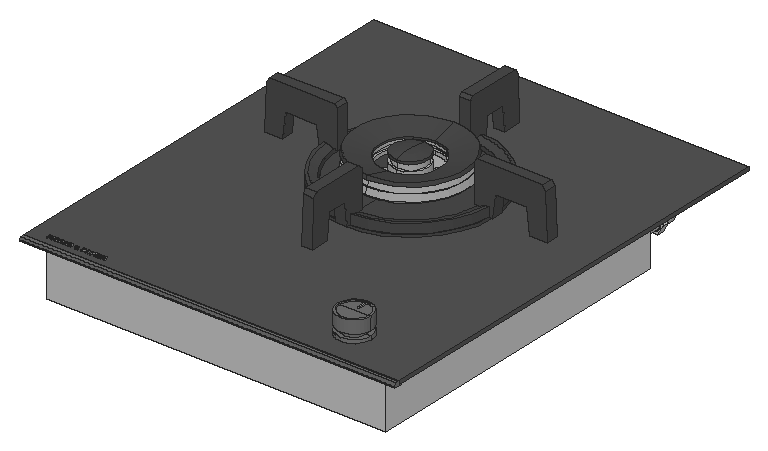
Revit family "FP_Revit_18_CG451DNGGB4_and_CG451DLPGB4_Cooktop_90000831A", category Specialty Equipment, Revit 2018
Family settings
  Round Connector Dimension = Use Diameter
  Part Type = Normal
  OmniClass Number = 23.40.40.14.17.11
  OmniClass Title = Cookers, Ovens, Stoves
  Work Plane-Based = No
  Always vertical = Yes
  Cut with Voids When Loaded = Yes
  Shared = No
  Room Calculation Point = No
Parameters (values of type "CG451DNGGB4")
  Visibility - Clearance Required = yes
  URL = "www.fisherpaykel.com"
  Product - Width = 450 mm  # constant formula
  Product - Height = 125 mm  # constant formula
  Product - Depth = 530 mm  # constant formula
  Model = "CG451DNGGB4"
  Material - Trim = Fisher & Paykel - Aluminium, Dark
  Material - Cooktop = Fisher & Paykel - Glass, Black
  Material - Burners & Trivets = Fisher & Paykel - Black, Matte
  Material - Body = Fisher & Paykel - Grey
  Manufacturer = "Fisher & Paykel Appliances"
  FFL Offset [instance] = 900 mm
  Description = "45cm Gas on Glass Cooktop"
  Connector Note - Gas = "NG 1 kPa (4\" WC), Connection is Rp 1/2\" (ISO7-1)"
  Connector Note - Electrical = "230 V, 10 A, fused electrical supply"
  Clearance - Side Combustible = 60 mm  # constant formula
  Clearance - Rear Non-Combustible = 45 mm  # constant formula
  Clearance - Rear Combustible = 85 mm  # constant formula
  Clearance - Overhead Rangehood = 650 mm  # constant formula
  Clearance - Overhead Non-Combustible = 500 mm  # constant formula
  Clearance - Overhead Combustible = 650 mm  # constant formula
  Clearance - Below Non-Combustible = 65 mm  # constant formula
  Clearance - Below Combustible = 70 mm  # constant formula
  Chassis - Width = 406 mm  # constant formula
  Chassis - Height = 59 mm  # constant formula
  Chassis - Depth = 486 mm  # constant formula
  Cavity - Width = 415 mm  # constant formula
  Cavity - Height = 59 mm  # constant formula
  Cavity - Depth = 490 mm  # constant formula
Types (3, lengths in mm): name | Model | Connector Note - Gas
  (no name) | "CG451DNGGB4" | "NG 1 kPa (4\" WC), Connection is Rp 1/2\" (ISO7-1)"
  CG451DNGGB4 | "CG451DNGGB4" | "NG 1 kPa (4\" WC), Connection is Rp 1/2\" (ISO7-1)"
  CG451DLPGB4 | "CG451DLPGB4" | "LPG 2.75 kPa (11\" WC), Connection is Rp 1/2\" (ISO7-1)"
Reference planes
  plane 1 "Datum": y = 0
  plane 2: z = 0
  plane 3 "Center (Left/Right)": x = 0
  plane 4 "Product LHS": x = -225
  plane 5 "Product RHS": x = 225
  plane 6 "Product - Depth": y = 530
  plane 7 "Cavity LHS": x = -207.5
  plane 8 "Cavity RHS": x = 207.5
  plane 9 "Cavity - Depth": y = 501.465
  plane 10 "Glass": z = 905
  plane 11 "Basepan": z = 841
  plane 12 "Benchtop": z = 900
Forms (mm)
  Extrusion 1, solid, material "Fisher & Paykel - Glass, Black" <- "Material - Cooktop"
    sketch origin (0, 0, 0) x (0, 1, 0) y (0, 0, 1)
      loop
        line (5.299, 905) -> (5.299, 901) -> (530, 901) -> (530, 905) -> (5.299, 905)
    from -225 to 225
  Extrusion 2, solid, material "Fisher & Paykel - Aluminium, Dark" <- "Material - Trim", detail levels fine
    sketch origin (0, 0, 0) x (0, 1, 0) y (0, 0, 1)
      loop
        line (5.299, 905) -> (0.45, 905) -> (0, 901.5) -> (0, 900) -> (8.39, 900) -> (8.39, 901) -> (5.299, 901) -> (5.299, 905)
    from -225 to 225
  Extrusion 3, solid, material "Fisher & Paykel - Grey" <- "Material - Body"
    sketch origin (0, 0, 0) x (1, 0, 0) y (0, 1, 0)
      loop
        line (98.587, 521) -> (-216, 521) -> (-216, 11.465) -> (216, 11.465) -> (216, 408.887) -> (204.15, 408.887) -> (98.587, 497.465) -> (98.587, 521)
    from 900 to 901
  Extrusion 4, solid, material "Fisher & Paykel - Grey" <- "Material - Body"
    sketch origin (0, 0, 0) x (1, 0, 0) y (0, 1, 0)
      loop
        line (204.15, 408.887) -> (98.587, 497.465) -> (-201.85, 497.465) -> (-201.85, 11.465) -> (204.15, 11.465) -> (204.15, 408.887)
    from 841 to 900
  Extrusion 5, solid, material "Fisher & Paykel - Clearance Required (Cutout)", visible <- "Visibility - Clearance Required", detail levels coarse
    sketch origin (0, 0, 0) x (1, 0, 0) y (0, 1, 0)
      loop
        line (-207.5, 11.465) -> (207.5, 11.465) -> (207.5, 501.465) -> (-207.5, 501.465) -> (-207.5, 11.465)
    from 835 to 900
  Extrusion 6, void
    sketch origin (0, 0, 0) x (0, 1, 0) y (0, 0, 1)
      loop
        line (497.465, 872.849) -> (404.424, 857.373) -> (407.148, 841) -> (497.465, 841) -> (497.465, 872.849)
    from -161 to -103.971
  Extrusion 7, solid, material "Fisher & Paykel - Grey" <- "Material - Body", detail levels fine
    sketch origin (0, 0, 900) x (0, 1, 0) y (0, 0, 1)
      loop
        line (480, -30.056) -> (425.258, -39.162) -> (428.13, -56.432) -> (463.493, -56.432) -> (483.825, -53.05) -> (480, -30.056)
    from -150.5 to -110.5
  Extrusion 8, solid, material "Fisher & Paykel - Grey" <- "Material - Body", detail levels fine
    sketch origin (-130.469, 0, 900) x (1, 0, 0) y (0, 0, 1)
      loop
        circle (0, -41.49) r 4
    from -509.984 to -480
  Extrusion 9, solid, material "Fisher & Paykel - Aluminium, Dark" <- "Material - Trim", detail levels coarse+medium
    sketch origin (0, 0, 0) x (0, 1, 0) y (0, 0, 1)
      loop
        line (5.299, 905) -> (0, 905) -> (0, 900) -> (5.299, 900) -> (5.299, 905)
    from -225 to 225
  Extrusion 10, solid, material "Fisher & Paykel - Clearance Required (Combustible)", visible <- "Visibility - Clearance Required", detail levels coarse
    sketch origin (0, 0, 0) x (1, 0, 0) y (0, 1, 0)
      loop
        line (225, 0) -> (267.5, 0) -> (267.5, 586.465) -> (-267.5, 586.465) -> (-267.5, 0) -> (-225, 0) -> (-225, 546.465) -> (225, 546.465) -> (225, 0)
    from 905 to 1355
  Extrusion 11, solid, material "Fisher & Paykel - Clearance Required (Non-Combustible)", visible <- "Visibility - Clearance Required", detail levels coarse
    sketch origin (0, 0, 0) x (1, 0, 0) y (0, 1, 0)
      loop
        line (-225, 0) -> (225, 0) -> (225, 546.465) -> (-225, 546.465) -> (-225, 0)
    from 905 to 1405
  Extrusion 12, solid, material "Fisher & Paykel - Clearance Required (Rangehood)", visible <- "Visibility - Clearance Required", detail levels coarse
    sketch origin (0, 0, 0) x (1, 0, 0) y (0, 1, 0)
      loop
        line (-225, 546.465) -> (-225, 0) -> (225, 0) -> (225, 546.465) -> (-225, 546.465)
    from 1405 to 1555
  Extrusion 13, solid, material "Fisher & Paykel - Clearance Required (Combustible)", visible <- "Visibility - Clearance Required", detail levels coarse
    sketch origin (0, 0, 0) x (1, 0, 0) y (0, 1, 0)
      loop
        line (-207.5, 11.465) -> (207.5, 11.465) -> (207.5, 501.465) -> (-207.5, 501.465) -> (-207.5, 11.465)
    from 830 to 835
  Revolve 14, solid, material "Fisher & Paykel - Grey" <- "Material - Body"
    sketch origin (180.5, 0, 900) x (0, 1, 0) y (0, 0, -1)
      loop
        line (396.487, 23.673) -> (442.637, 23.673) -> (442.637, 22.673) -> (464.817, 22.673) -> (464.817, 25.4) -> (449.637, 25.4) -> (449.637, 31.4) -> (396.487, 31.4) -> (396.487, 23.673)
      axis (464.817, 31.4) -> (396.487, 31.4)
    angle from 0 to 360
  Extrusion 15, solid, material "Fisher & Paykel - Grey" <- "Material - Body", detail levels fine
    sketch origin (363.39, 0, 900) x (-1, 0, 0) y (0, 0, -1)
      loop
        line (176.55, 20.401) -> (189.25, 20.401) -> (195.6, 31.4) -> (189.25, 42.399) -> (176.55, 42.399) -> (170.2, 31.4) -> (176.55, 20.401)
      loop
        circle (182.89, 31.4) r 7.727
    from -449.637 to -442.637
  Extrusion 16, void
    sketch origin (0, 0, 0) x (1, 0, 0) y (0, 1, 0)
      loop
        line (-207.5, 11.465) -> (207.5, 11.465) -> (207.5, 501.465) -> (-207.5, 501.465) -> (-207.5, 11.465)
    from 830 to 900
Cuts and joins
  joined: Extrusion 7, Extrusion 8
  Extrusion 6 cuts Extrusion 4
Text (mm)
  text "Due to ongoing product development, product details are subject to change without notice. \nPlease always refer to www.fisherpaykel.com for the most current product information. \n© Fisher & Paykel 2020" at (41.04, -397.064, 0), in view "Ref. Level (Plan)"
Dimensions and locks
  equal spacing: plane 4 "Product LHS", plane 3 "Center (Left/Right)", plane 5 "Product RHS"
  "Product - Width": plane 4 "Product LHS" to plane 5 "Product RHS"
  equal spacing: plane 7 "Cavity LHS", plane 3 "Center (Left/Right)", plane 8 "Cavity RHS"
  "Cavity - Width": plane 7 "Cavity LHS" to plane 8 "Cavity RHS"
  locked: plane 1 "Datum" to Extrusion 3 at 11.465
  "Chassis - Depth": Extrusion 3 to Extrusion 4
  "Cavity - Depth": Extrusion 3 to plane 9 "Cavity - Depth"
  "Chassis - Width": cut or joined group of Extrusion 4, Extrusion 6 to cut or joined group of Extrusion 4, Extrusion 6
  "Clearance - Side Combustible": Extrusion 10 to plane 7 "Cavity LHS"
  "Clearance - Side Combustible": plane 8 "Cavity RHS" to Extrusion 10
  "Clearance - Rear Combustible": plane 9 "Cavity - Depth" to Extrusion 10
  plane 10 "Glass" to plane 12 "Benchtop" = 5 mm
  "FFL Offset": plane 12 "Benchtop" to level
  "Chassis - Height": plane 12 "Benchtop" to plane 11 "Basepan"
  locked: plane 10 "Glass" to Extrusion 1 sketch curve at 4
  locked: plane 10 "Glass" to Extrusion 1 at 4
  "Clearance - Overhead Non-Combustible": Extrusion 12 to plane 10 "Glass"
  locked: Extrusion 10 to plane 10 "Glass" at 450
  locked: nested 4 to plane 10 "Glass" at 61.328
  locked: Extrusion 6 sketch curve to plane 11 "Basepan" at 31.849
  locked: Extrusion 6 sketch curve to plane 11 "Basepan" at 16.373
  locked: cut or joined group of Extrusion 7, Extrusion 8 to plane 12 "Benchtop" at 56.432
  "Clearance - Below Non-Combustible": plane 12 "Benchtop" to Extrusion 13
  "Clearance - Below Combustible": plane 12 "Benchtop" to Extrusion 16
  "Clearance - Rear Non-Combustible": Extrusion 12 to plane 9 "Cavity - Depth"
  "Clearance - Overhead Rangehood": Extrusion 12 to plane 10 "Glass"
  aligned and locked: level to plane 2
  aligned and locked: Extrusion 1 to plane 5 "Product RHS"
  aligned and locked: Extrusion 1 to plane 4 "Product LHS"
  aligned and locked: Extrusion 2 to plane 5 "Product RHS"
  aligned and locked: Extrusion 10 to Extrusion 1
  aligned and locked: Extrusion 12 to Extrusion 11
  aligned and locked: Extrusion 11 to plane 10 "Glass"
  aligned and locked: Extrusion 10 to Extrusion 11
  aligned and locked: Extrusion 3 to Extrusion 1
  aligned and locked: Extrusion 3 to plane 12 "Benchtop"
  aligned and locked: Extrusion 4 to Extrusion 3
  aligned and locked: Extrusion 4 to plane 11 "Basepan"
  aligned and locked: Extrusion 6 sketch curve to cut or joined group of Extrusion 4, Extrusion 6
  aligned and locked: plane 11 "Basepan" to Extrusion 6 sketch curve
  aligned and locked: plane 10 "Glass" to Extrusion 9 sketch curve
  aligned and locked: Extrusion 9 sketch curve to plane 12 "Benchtop"
  aligned and locked: Extrusion 2 sketch curve to Extrusion 1
  aligned and locked: Extrusion 2 sketch curve to plane 12 "Benchtop"
  aligned and locked: plane 10 "Glass" to Extrusion 2 sketch curve
  aligned and locked: Extrusion 5 to Extrusion 3
  aligned and locked: Extrusion 13 to Extrusion 5
  aligned and locked: Extrusion 16 to Extrusion 3
  aligned and locked: Extrusion 16 to Extrusion 13
Automatic sketch dimensions
  Extrusion 1 sketch curve to plane 1 "Datum" = 5.299 mm
  plane 9 "Cavity - Depth" to Extrusion 5 sketch curve = 0 mm
  plane 7 "Cavity LHS" to Extrusion 5 sketch curve = 0 mm
  Extrusion 5 sketch curve to plane 8 "Cavity RHS" = 0 mm
  Extrusion 5 sketch curve to plane 1 "Datum" = 11.465 mm
  Extrusion 7 sketch curve to Extrusion 7 sketch curve = 2.873 mm
  Extrusion 7 sketch curve to Extrusion 7 sketch curve = 35.363 mm
  plane 1 "Datum" to Extrusion 10 sketch curve = 0 mm  (x2)
  Extrusion 10 sketch curve to plane 4 "Product LHS" = 0 mm
  Extrusion 10 sketch curve to plane 5 "Product RHS" = 0 mm
  plane 4 "Product LHS" to Extrusion 10 sketch curve = 42.5 mm
  Extrusion 10 sketch curve to Extrusion 10 sketch curve = 42.5 mm
  plane 6 "Product - Depth" to Extrusion 10 sketch curve = 16.465 mm
  plane 6 "Product - Depth" to Extrusion 10 sketch curve = 56.465 mm
  Extrusion 11 sketch curve to plane 4 "Product LHS" = 0 mm
  Extrusion 11 sketch curve to plane 5 "Product RHS" = 0 mm
  plane 1 "Datum" to Extrusion 11 sketch curve = 0 mm
  plane 6 "Product - Depth" to Extrusion 11 sketch curve = 16.465 mm
  plane 1 "Datum" to Extrusion 12 sketch curve = 0 mm
  Extrusion 12 sketch curve to plane 4 "Product LHS" = 0 mm
  Extrusion 12 sketch curve to plane 5 "Product RHS" = 0 mm
  plane 6 "Product - Depth" to Extrusion 12 sketch curve = 16.465 mm
  plane 9 "Cavity - Depth" to Extrusion 13 sketch curve = 0 mm
  plane 7 "Cavity LHS" to Extrusion 13 sketch curve = 0 mm
  Extrusion 13 sketch curve to plane 8 "Cavity RHS" = 0 mm
  Extrusion 13 sketch curve to plane 1 "Datum" = 11.465 mm
  Revolve 14 sketch curve to Revolve 14 sketch curve = 46.15 mm
  Revolve 14 sketch curve to Revolve 14 sketch curve = 7 mm
  Revolve 14 sketch curve to Revolve 14 sketch curve = 15.18 mm
  Revolve 14 sketch curve to Revolve 14 sketch curve = 1.727 mm
  Revolve 14 sketch curve to Revolve 14 sketch curve = 6 mm
  Revolve 14 sketch curve to Revolve 14 sketch curve = 45 mm
  Revolve 14 sketch curve to Revolve 14 sketch curve = 0 mm  (x2)
  Extrusion 15 sketch curve to Extrusion 15 sketch curve = 6.35 mm  (x3)
  Extrusion 15 sketch curve to Extrusion 15 sketch curve = 12.69 mm
  Extrusion 15 sketch curve to Extrusion 15 sketch curve = 12.7 mm  (x2)
  Extrusion 15 sketch curve to Extrusion 15 sketch curve = 0 mm
  plane 9 "Cavity - Depth" to Extrusion 16 sketch curve = 0 mm
  plane 7 "Cavity LHS" to Extrusion 16 sketch curve = 0 mm
  Extrusion 16 sketch curve to plane 8 "Cavity RHS" = 0 mm
  Extrusion 16 sketch curve to plane 1 "Datum" = 11.465 mm
  Extrusion 4 sketch curve to plane 7 "Cavity LHS" = 5.65 mm
  plane 8 "Cavity RHS" to Extrusion 4 sketch curve = 3.35 mm
  Extrusion 4 sketch curve to plane 1 "Datum" = 11.465 mm
  plane 9 "Cavity - Depth" to Extrusion 4 sketch curve = 4 mm
  plane 3 "Center (Left/Right)" to Extrusion 4 sketch curve = 98.587 mm
  plane 9 "Cavity - Depth" to Extrusion 4 sketch curve = 92.578 mm
  plane 7 "Cavity LHS" to Extrusion 3 sketch curve = 8.5 mm
  plane 3 "Center (Left/Right)" to Extrusion 3 sketch curve = 98.587 mm
  plane 8 "Cavity RHS" to Extrusion 3 sketch curve = 3.35 mm
  Extrusion 3 sketch curve to plane 8 "Cavity RHS" = 8.5 mm
  Extrusion 3 sketch curve to plane 1 "Datum" = 11.465 mm
  plane 9 "Cavity - Depth" to Extrusion 3 sketch curve = 4 mm
  Extrusion 3 sketch curve to plane 6 "Product - Depth" = 9 mm
  plane 9 "Cavity - Depth" to Extrusion 3 sketch curve = 92.578 mm
  Extrusion 1 sketch curve to plane 10 "Glass" = 0 mm
  Extrusion 1 sketch curve to plane 6 "Product - Depth" = 0 mm
  Extrusion 6 sketch curve to Extrusion 6 sketch curve = 2.723 mm
  Extrusion 7 sketch curve to Extrusion 7 sketch curve = 16.507 mm
  Extrusion 7 sketch curve to Extrusion 7 sketch curve = 20.331 mm
  Revolve 14 sketch curve to Revolve 14 sketch curve = 1 mm
  Extrusion 15 sketch curve to Extrusion 15 sketch curve = 10.999 mm  (x3)
  plane 9 "Cavity - Depth" to Extrusion 7 sketch curve = 76.208 mm
  plane 11 "Basepan" to Extrusion 7 sketch curve = 2.568 mm
  Extrusion 8 sketch curve to plane 7 "Cavity LHS" = 77.031 mm
  plane 11 "Basepan" to Extrusion 8 sketch curve = 17.51 mm
  plane 9 "Cavity - Depth" to Revolve 14 sketch curve = 104.979 mm
  plane 11 "Basepan" to Revolve 14 sketch curve = 36.327 mm
  Extrusion 15 sketch curve to plane 8 "Cavity RHS" = 14.31 mm
  Extrusion 15 sketch curve to plane 11 "Basepan" = 16.601 mm
  Extrusion 9 sketch curve to plane 1 "Datum" = 0 mm
  Extrusion 9 sketch curve to plane 1 "Datum" = 5.299 mm
  Extrusion 2 sketch curve to plane 1 "Datum" = 0 mm
  Extrusion 2 sketch curve to plane 1 "Datum" = 0.45 mm
  Extrusion 2 sketch curve to Extrusion 2 sketch curve = 4.85 mm
  Extrusion 2 sketch curve to Extrusion 2 sketch curve = 3.09 mm
  plane 12 "Benchtop" to Extrusion 2 sketch curve = 1.5 mm
  radius of Extrusion 8 sketch curve = 4 mm
  radius of Extrusion 15 sketch curve = 7.727 mm
Nested families
  nested 1: "F&P Dial CG" at (134.403, 51.956, 905), type "F&P Dial CG"
  nested 2: "F&P Logo 70mm Horizontal" at (-169.501, 14.253, 905), type "F&P Logo 70mm Horizontal"
  nested 3: "F&P Burner Dual Wok" at (0, 304.387, 900.228), type "F&P Burner Dual Wok"
  nested 4: "F&P Trivet CG451" at (0, 304.387, 900.5), type "F&P Trivet CG451"
  nested 5: "F&P Dial CG" at (134.403, 51.956, 905), type "F&P Dial CG", not visible
  nested 6: "F&P Logo 70mm Horizontal" at (-169.501, 14.253, 905), type "F&P Logo 70mm Horizontal", not visible
  nested 7: "F&P Burner Dual Wok" at (0, 304.387, 900.228), type "F&P Burner Dual Wok", not visible
  nested 8: "F&P Trivet CG451" at (0, 304.387, 900.5), type "F&P Trivet CG451", not visible
Connectors
  electrical at (-130.469, 509.984, 858.51), driven by "Connector Note - Electrical"
    settings: on cut or joined group of Extrusion 7, Extrusion 8, index 1, voltage 230 V, apparent load 0 VA, apparent load phase1 0 VA, apparent load phase2 0 VA, apparent load phase3 0 VA, power factor 1, load classification "Other", number of poles 1, system type 30, power factor state 1, is connector primary yes, connector utility no, sub classification motor no, connector description "230 V, 10 A, fused electrical supply"
  piping at (180.5, 464.817, 868.6), diameter 19, driven by "Connector Note - Gas"
    settings: on Revolve 14, index 2, connector inside diameter 609.6 mm, connector length 0 mm, flow factor 0, pipe flow 0.0 L/s, pressure drop 0.0 Pa, fitting loss kfactor 0, connector angle 0.00°, fixture units 0, engagement length 0 mm, angle of deflection 0.00°, flow configuration 0, flow direction 1, fitting loss method 0, system type 22, joint type 0, gender type 0, connector reference index -1, connector utility 0, adjustable connector no, is connector primary yes, connector description "NG 1 kPa (4\" WC), Connection is Rp 1/2\" (ISO7-1)"
Definition of nested family "F&P Dial CG"
  Parameters (values of type "F&P Dial CG")
    URL = "www.fisherpaykel.com"
    Material - Trim = none
    Material - Buttons and Dials = none
    Material - Body = none
    Manufacturer = "Fisher & Paykel Appliances"
  Reference planes
    plane 1 "Center (Front/Back)": y = 0
    plane 2: z = 0
    plane 3 "Center (Left/Right)": x = 0
  Forms (mm)
    Revolve 1, solid, material <- "Material - Body", detail levels fine
      sketch origin (0, 0, 0) x (1, 0, 0) y (0, 0, 1)
        loop
          line (0, 0) -> (0, 24.05) -> (-17.75, 24.05) -> (-17.75, 24.95) -> (-20, 24.95) -> (-20, 9.5) -> (-14.513, 9.5) -> (-14.513, 3.5) -> (-20.008, 3.5) -> (-20.5, 0) -> (0, 0)
        axis (0, 24.95) -> (0, 0)
      angle from 0 to 360
    Extrusion 2, void
      sketch origin (0, 0, 0) x (1, 0, 0) y (0, 1, 0)
        loop
          line (-1.05, 17.22) -> (1.05, 17.22) -> (1.05, 20.22) -> (-1.05, 20.22) -> (-1.05, 17.22)
      from 24.05 to 24.95
    Extrusion 3, solid, material <- "Material - Trim", detail levels fine
      sketch origin (0, 0, 0) x (1, 0, 0) y (0, 1, 0)
        loop
          line (-1.05, 6.22) -> (1.05, 6.22) -> (1.05, 20.02) -> (-1.05, 20.02) -> (-1.05, 6.22)
      from 24.05 to 24.95
    Extrusion 4, solid, material <- "Material - Body", detail levels coarse+medium
      sketch origin (0, 0, 0) x (1, 0, 0) y (0, 1, 0)
        loop
          circle (0, 0) r 20.5
      from 9.5 to 24.95
    Extrusion 5, solid, material <- "Material - Body", detail levels coarse+medium
      sketch origin (0, 0, 0) x (1, 0, 0) y (0, 1, 0)
        loop
          circle (0, 0) r 14.513
      from 0 to 9.5
  Cuts and joins
    Extrusion 2 cuts Revolve 1
  Dimensions and locks
    aligned and locked: level to plane 2
Definition of nested family "F&P Logo 70mm Horizontal"
  Parameters (values of type "F&P Logo 70mm Horizontal")
    URL = "www.fisherpaykel.com"
    Material - Logo = none
    Manufacturer = "Fisher & Paykel Appliances"
  Reference planes
    plane 1 "Center (Front/Back)": y = 0
    plane 2: z = 0
    plane 3 "Center (Left/Right)": x = 0
  Forms (mm)
    Extrusion 1, solid, material <- "Material - Logo", detail levels fine
      sketch origin (0, 0, 0) x (1, 0, 0) y (0, 1, 0)
        loop
          line (-34.997, 0) -> (-33.895, 0) -> (-33.895, 1.496) -> (-32.174, 1.496) -> (-32.174, 2.431) -> (-33.895, 2.431) -> (-33.895, 3.298) -> (-32.023, 3.298) -> (-32.023, 4.228) -> (-34.997, 4.228) -> (-34.997, 0)
        loop
          line (-29.929, 4.228) -> (-29.929, 0) -> (-28.828, 0) -> (-28.828, 4.228) -> (-29.929, 4.228)
        loop
          line (-21.473, 4.228) -> (-21.473, 0) -> (-20.372, 0) -> (-20.372, 1.694) -> (-18.754, 1.694) -> (-18.754, 0) -> (-17.652, 0) -> (-17.652, 4.228) -> (-18.754, 4.228) -> (-18.754, 2.624) -> (-20.372, 2.624) -> (-20.372, 4.228) -> (-21.473, 4.228)
        loop
          line (-15.301, 4.228) -> (-15.301, 0) -> (-12.288, 0) -> (-12.288, 0.8) -> (-14.209, 0.8) -> (-14.209, 1.694) -> (-12.453, 1.694) -> (-12.453, 2.624) -> (-14.209, 2.624) -> (-14.209, 3.428) -> (-12.288, 3.428) -> (-12.288, 4.228) -> (-15.301, 4.228)
        loop
          line (32, 4.228) -> (32, 0) -> (35.003, 0) -> (35.003, 0.93) -> (33.102, 0.93) -> (33.102, 4.228) -> (32, 4.228)
        loop
          line (29.735, 4.228) -> (26.712, 4.228) -> (26.712, 0) -> (29.735, 0) -> (29.735, 0.8) -> (27.814, 0.8) -> (27.814, 1.694) -> (29.57, 1.694) -> (29.57, 2.624) -> (27.814, 2.624) -> (27.814, 3.428) -> (29.735, 3.428) -> (29.735, 4.228)
        loop
          line (23.449, 2.203) -> (25.012, 4.228) -> (23.724, 4.228) -> (22.374, 2.479) -> (22.374, 4.228) -> (21.273, 4.228) -> (21.273, 0) -> (22.374, 0) -> (22.374, 1.894) -> (23.765, 0) -> (25.067, 0) -> (23.449, 2.203)
        loop
          line (15.42, 4.228) -> (17.017, 1.694) -> (17.017, 0) -> (18.119, 0) -> (18.119, 1.639) -> (19.717, 4.228) -> (18.546, 4.228) -> (17.603, 2.595) -> (16.66, 4.228) -> (15.42, 4.228)
        loop
          line (12.969, 4.228) -> (11.922, 4.228) -> (10.2, 0) -> (11.282, 0) -> (11.585, 0.778) -> (13.278, 0.778) -> (13.581, 0) -> (14.69, 0) -> (12.969, 4.228)
        loop
          line (12.913, 1.708) -> (12.419, 2.922) -> (11.946, 1.708) -> (12.913, 1.708)
        loop
          line (5.656, 4.228) -> (5.656, 0) -> (6.757, 0) -> (6.757, 1.357) -> (7.557, 1.357)
          arc (7.557, 1.357) -> (8.993, 2.792) -> (7.557, 4.228) r 1.436
          line (7.557, 4.228) -> (5.656, 4.228)
        loop
          line (6.757, 2.238) -> (7.557, 2.238)
          arc (7.557, 2.238) -> (8.088, 2.768) -> (7.557, 3.298) r 0.53
          line (7.557, 3.298) -> (6.757, 3.298) -> (6.757, 2.238)
        loop
          line (-8.214, 4.228) -> (-10.023, 4.228) -> (-10.023, 0) -> (-9.058, 0) -> (-9.058, 0.8) -> (-8.258, 0.8) -> (-7.647, 0) -> (-6.373, 0) -> (-7.452, 1.381)
          arc (-7.452, 1.381) -> (-6.741, 3.097) -> (-8.214, 4.228) r 1.525
        loop
          line (-8.921, 3.298) -> (-8.921, 2.137) -> (-8.121, 2.137)
          arc (-8.121, 2.137) -> (-7.54, 2.718) -> (-8.121, 3.298) r 0.581
          line (-8.121, 3.298) -> (-8.921, 3.298)
        loop
          line (0.368, 3.298) -> (0.368, 4.307) -> (-2.553, 4.307) -> (-2.553, 3.499) -> (-2.048, 2.878)
          arc (-2.048, 2.878) -> (-2.424, 0.478) -> (0.002, 0.358) r 1.633
          line (0.002, 0.358) -> (0.495, -0.272) -> (1.765, -0.272) -> (0.636, 1.116) -> (1.613, 2.524) -> (0.481, 2.524) -> (0.025, 1.867) -> (-1.14, 3.298) -> (0.368, 3.298)
        loop
          arc (-1.454, 2.148) -> (-1.555, 1.167) -> (-0.574, 1.067) r 0.697
          line (-0.574, 1.067) -> (-1.454, 2.148)
        loop
          line (-24.593, 2.544) -> (-25.527, 2.737)
          arc (-25.527, 2.737) -> (-25.9, 3.11) -> (-25.527, 3.483) r 0.373
          arc (-25.527, 3.483) -> (-24.631, 3.353) -> (-23.808, 2.973) r 3.153
          line (-23.808, 2.973) -> (-23.808, 4.02)
          arc (-23.808, 4.02) -> (-24.851, 4.326) -> (-25.937, 4.276) r 3.308
          arc (-25.937, 4.276) -> (-26.941, 3.034) -> (-25.937, 1.792) r 1.27
          line (-25.937, 1.792) -> (-24.994, 1.597)
          arc (-24.994, 1.597) -> (-24.621, 1.224) -> (-24.994, 0.851) r 0.373
          arc (-24.994, 0.851) -> (-25.891, 0.981) -> (-26.714, 1.361) r 3.153
          line (-26.714, 1.361) -> (-26.714, 0.314)
          arc (-26.714, 0.314) -> (-25.671, 0.009) -> (-24.585, 0.058) r 3.308
          arc (-24.585, 0.058) -> (-23.58, 1.304) -> (-24.593, 2.544) r 1.27
      from 0 to 0.8
  Dimensions and locks
    Extrusion 1 sketch curve to Extrusion 1 sketch curve = 70 mm
    aligned and locked: level to plane 2
Definition of nested family "F&P Burner Dual Wok"
  Parameters (values of type "F&P Burner Dual Wok")
    URL = "www.fisherpaykel.com"
    Material - Burners & Trivets = none
    Material - Body = none
    Manufacturer = "Fisher & Paykel Appliances"
  Reference planes
    plane 1 "Center (Front/Back)": y = 0
    plane 2: z = 0
    plane 3 "Center (Left/Right)": x = 0
  Forms (mm)
    Revolve 1, solid, material <- "Material - Body", detail levels fine
      sketch origin (0, 0, 0) x (0, 1, 0) y (0, 0, 1)
        loop
          line (0, 39.67) -> (0, 19.121) -> (37.394, 19.121) -> (37.394, 23.2) -> (66.033, 23.2) -> (67.033, 24.2) -> (65.112, 32.2) -> (63.561, 32.2) -> (61.561, 40.01) -> (36.35, 34.652) -> (36.35, 31.668) -> (39.31, 31.668) -> (39.31, 26.7) -> (36.35, 26.7) -> (36.35, 22.2) -> (21.2, 22.2) -> (21.2, 31.668) -> (18.48, 31.668) -> (18.48, 39.67) -> (0, 39.67)
        axis (0, 40.01) -> (0, 19.121)
      angle from 0 to 360
    Revolve 2, solid, material <- "Material - Burners & Trivets", detail levels fine
      sketch origin (0, 0, 0) x (0, 1, 0) y (0, 0, 1)
        loop
          line (64.958, 44.616) -> (36.353, 36.951) -> (36.353, 34.652) -> (61.561, 40.01) -> (63.997, 40.01) -> (66.045, 40.559) -> (64.958, 44.616)
        loop
          line (0, 45.115) -> (0, 39.67) -> (21.2, 39.67) -> (21.2, 42.433)
          arc (21.2, 42.433) -> (10.684, 44.442) -> (0, 45.115) r 85.151
        axis (0, 45.115) -> (0, 34.652)
      angle from 0 to 360
    Extrusion 3, void
      sketch origin (0, 0, 0) x (1, 0, 0) y (0, 1, 0)
        loop
          arc (-31.085, 20.785) -> (-37.341, -1.988) -> (-28.703, -23.968) r 37.394
          line (-28.703, -23.968) -> (-19.571, -8.151)
          arc (-19.571, -8.151) -> (-20.975, 3.077) -> (-16.404, 13.429) r 21.2
          line (-16.404, 13.429) -> (-16.404, 15.447)
          arc (-16.404, 15.447) -> (-17.093, 17.364) -> (-18.844, 18.406) r 3.015
          line (-18.844, 18.406) -> (-31.085, 20.785)
        loop
          arc (-20.415, -31.33) -> (0, -37.394) -> (20.415, -31.33) r 37.394
          line (20.415, -31.33) -> (12.297, -17.269)
          arc (12.297, -17.269) -> (0, -21.2) -> (-12.297, -17.269) r 21.2
          line (-12.297, -17.269) -> (-20.415, -31.33)
        loop
          line (31.085, 20.785) -> (18.844, 18.406)
          arc (18.844, 18.406) -> (17.093, 17.364) -> (16.404, 15.447) r 3.015
          line (16.404, 15.447) -> (16.404, 13.429)
          arc (16.404, 13.429) -> (20.975, 3.077) -> (19.571, -8.151) r 21.2
          line (19.571, -8.151) -> (28.703, -23.968)
          arc (28.703, -23.968) -> (37.341, -1.988) -> (31.085, 20.785) r 37.394
      from 19.121 to 23.2
    Revolve 4, solid, material <- "Material - Burners & Trivets", detail levels coarse+medium
      sketch origin (0, 0, 0) x (0, 1, 0) y (0, 0, 1)
        loop
          line (-67.134, 45.199) -> (-67.134, 23.2) -> (-36.35, 23.2) -> (-36.35, 36.951) -> (-67.134, 45.199)
        loop
          line (-21.2, 42.433) -> (-21.2, 23.2) -> (0, 23.2) -> (0, 42.433) -> (-21.2, 42.433)
        axis (0, 45.199) -> (0, 23.2)
      angle from 0 to 360
  Cuts and joins
    Extrusion 3 cuts Revolve 2
    Extrusion 3 cuts Revolve 1
  Dimensions and locks
    aligned and locked: level to plane 2
Definition of nested family "F&P Trivet CG451"
  Parameters (values of type "F&P Trivet CG451")
    URL = "www.fisherpaykel.com"
    Material - Burners & Trivets = none
    Manufacturer = "Fisher & Paykel Appliances"
  Reference planes
    plane 1 "Center (Front/Back)": y = 0
    plane 2: z = 0
    plane 3 "Center (Left/Right)": x = 0
  Forms (mm)
    Revolve 1, solid, material <- "Material - Burners & Trivets", detail levels fine
      sketch origin (0, 0, 0) x (0, 1, 0) y (0, 0, 1)
        loop
          line (-85.317, 7.5) -> (-99, 7.5) -> (-99, 4.5) -> (0, 4.5) -> (0, 12.8) -> (-85.317, 12.8) -> (-85.317, 7.5)
        axis (0, 12.8) -> (0, 4.5)
      angle from 0 to 360
    Revolve 2, solid, material <- "Material - Burners & Trivets", detail levels fine
      sketch origin (0, 0, 0) x (0, 1, 0) y (0, 0, 1)
        loop
          line (-99.153, 8.7) -> (-86.697, 8.7) -> (-86.697, 16.577) -> (-95.884, 19.7) -> (-99.153, 19.7) -> (-99.153, 8.7)
        axis (0, 19.7) -> (0, 8.7)
      angle from 0 to 360
    Extrusion 3, solid, material <- "Material - Burners & Trivets", detail levels coarse+medium
      sketch origin (0, 0, 0) x (0, 1, 0) y (0, 0, 1)
        loop
          line (-155, 4.5) -> (-82.863, 4.5) -> (-82.863, 65.828) -> (-155, 65.828) -> (-155, 4.5)
        loop
          line (155, 4.5) -> (155, 65.828) -> (82.863, 65.828) -> (82.863, 4.5) -> (155, 4.5)
      from -6.5 to 6.5
    Extrusion 4, solid, material <- "Material - Burners & Trivets", detail levels fine
      sketch origin (0, 0, 0) x (1, 0, 0) y (0, 0, 1)
        loop
          line (-164.326, 65.828) -> (-167.638, 60.09) -> (-170, 6) -> (-148.21, 6) -> (-145.122, 35.38) -> (-107.088, 35.38) -> (-104.284, 8.7) -> (-86.958, 8.7) -> (-86.958, 16.577) -> (-81.958, 16.577) -> (-81.958, 62.253) -> (-85.533, 65.828) -> (-164.326, 65.828)
        loop
          line (164.326, 65.828) -> (85.533, 65.828) -> (81.958, 62.253) -> (81.958, 16.577) -> (86.958, 16.577) -> (86.958, 8.7) -> (104.284, 8.7) -> (107.088, 35.38) -> (145.122, 35.38) -> (148.21, 6) -> (170, 6) -> (167.638, 60.09) -> (164.326, 65.828)
      from -6.5 to 6.5
    Extrusion 5, solid, material <- "Material - Burners & Trivets", detail levels coarse+medium
      sketch origin (0, 0, 0) x (1, 0, 0) y (0, 0, 1)
        loop
          line (-170, 4.5) -> (-82.927, 4.5) -> (-82.927, 65.828) -> (-170, 65.828) -> (-170, 4.5)
        loop
          line (170, 4.5) -> (170, 65.828) -> (82.958, 65.828) -> (82.958, 4.5) -> (170, 4.5)
      from -6.5 to 6.5
    Revolve 6, solid, material <- "Material - Burners & Trivets", detail levels coarse+medium
      sketch origin (0, 0, 0) x (0, 1, 0) y (0, 0, 1)
        loop
          line (-82.083, 20.853) -> (-102.311, 20.853) -> (-102.311, 4.5) -> (-82.083, 4.5) -> (-82.083, 20.853)
        axis (0, 20.853) -> (0, 4.5)
      angle from 0 to 360
    Extrusion 7, solid, material <- "Material - Burners & Trivets", detail levels fine
      sketch origin (0, 0, 0) x (0, 1, 0) y (0, 0, 1)
        loop
          line (149.326, 65.828) -> (85.438, 65.828) -> (81.863, 62.253) -> (81.863, 16.577) -> (86.697, 16.577) -> (86.697, 8.7) -> (104.189, 8.7) -> (106.995, 35.4) -> (130.12, 35.4) -> (133.21, 6) -> (155, 6) -> (152.638, 60.09) -> (149.326, 65.828)
        loop
          line (-149.326, 65.828) -> (-152.638, 60.09) -> (-155, 6) -> (-133.21, 6) -> (-130.12, 35.4) -> (-106.995, 35.4) -> (-104.189, 8.7) -> (-86.697, 8.7) -> (-86.697, 16.577) -> (-81.863, 16.577) -> (-81.863, 62.253) -> (-85.438, 65.828) -> (-149.326, 65.828)
      from -6.5 to 6.5
  Cuts and joins
    joined: Revolve 2, Extrusion 4, Extrusion 7
    joined: Extrusion 3, Extrusion 5, Revolve 6
  Dimensions and locks
    aligned and locked: level to plane 2
